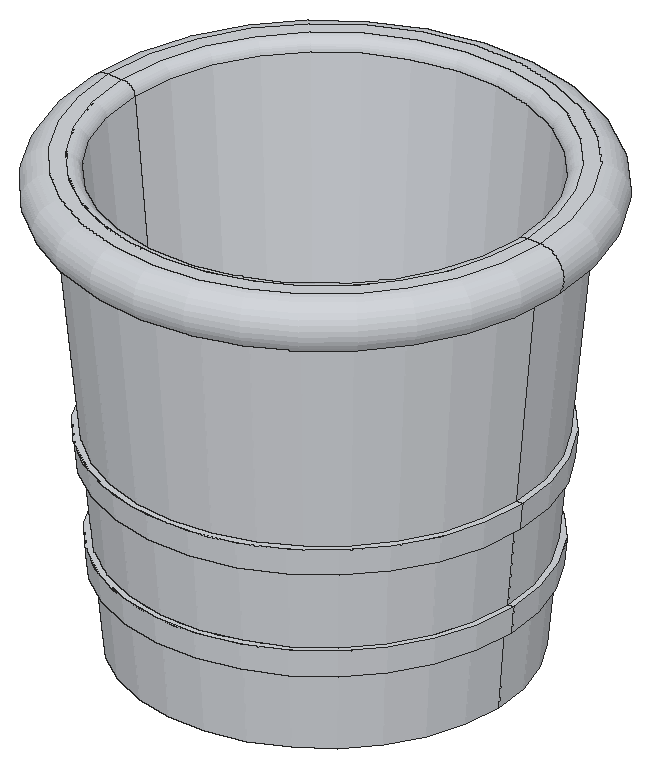
Revit family
Parameters (values of type "SBSP-101.1")
  Width = 2' - 3"
  URL = "www.strombergarchitectural.com"
  Top Material = GFRC
  Submittal Sheet = "www.strombergarchitectural.com/images/materials/gfrc/submittal/gfrc-submittal-sheet.pdf"
  Specifications = "www.strombergarchitectural.com/gfrcspecifications"
  Model Cut-sheet = "www.strombergarchitectural.com/products/bollards/design/SBSP-101"
  Model = "SBSP-101"
  Manufacturer = "Stromberg Architectural Products"
  Guidebook = "www.strombergarchitectural.com/images/materials/gfrc/handbooks/gfrc_guidebook.pdf   \r\n(http://www.strombergarchitectural.com/images/materials/gfrc/handbooks/gfrc_guidebook.pdf"
  Frame Material = none
  Description = "GFRC Bollard"
  Assembly Code = ""
  Height = 2' - 0"
  XXX.5 = no
  XXX.4 = no
  XXX.3 = no
  XXX.2 = no
  XXX.1 = yes
Types (6): name | Width | Guidebook | Height | XXX.5 | XXX.4 | XXX.3 | XXX.2 | XXX.1
  (no name) | 2' - 3" | "www.strombergarchitectural.com/images/materials/gfrc/handbooks/gfrc_guidebook.pdf   \r\n(http://www.strombergarchitectural.com/images/materials/gfrc/handbooks/gfrc_guidebook.pdf" | 2' - 0" | no | no | no | no | yes
  SBSP-101.3 | 3' - 4" | "www.strombergarchitectural.com/images/materials/gfrc/handbooks/gfrc_guidebook.pdf" | 3' - 0" | no | no | yes | no | no
  SBSP-101.1 | 2' - 3" | "www.strombergarchitectural.com/images/materials/gfrc/handbooks/gfrc_guidebook.pdf   \r\n(http://www.strombergarchitectural.com/images/materials/gfrc/handbooks/gfrc_guidebook.pdf" | 2' - 0" | no | no | no | no | yes
  SBSP-101.2 | 2' - 10" | "www.strombergarchitectural.com/images/materials/gfrc/handbooks/gfrc_guidebook.pdf" | 2' - 6" | no | no | no | yes | no
  SBSP-101.4 | 3' - 11" | "www.strombergarchitectural.com/images/materials/gfrc/handbooks/gfrc_guidebook.pdf" | 3' - 6" | no | yes | no | no | no
  SBSP-101.5 | 4' - 5" | "www.strombergarchitectural.com/images/materials/gfrc/handbooks/gfrc_guidebook.pdf" | 4' - 0" | yes | no | no | no | no
Reference planes (in)
  plane 1 "Center (Front/Back)": y = 3.74847
  plane 2: z = 0
  plane 3 "Center (Left/Right)": x = 0.7278
Forms (in)
  Revolve 1, solid, visible <- "XXX.1"
    sketch origin (-0.75, 3.74847, 0) x (1, 0, 0) y (0, 0, 1)
      loop
        arc (-9.12396, 23.39758) -> (-9.35035, 23.83672) -> (-9.81665, 24) r 0.66766
        arc (-9.81665, 24) -> (-10.19165, 23.99209) -> (-10.56665, 24) r 8.89183
        arc (-10.56665, 24) -> (-11.84201, 22.52001) -> (-10.28681, 21.33752) r 1.34108
        line (-10.28681, 21.33752) -> (-9.22505, 10.66667) -> (-9.55995, 10.66667) -> (-9.42796, 9.34013) -> (-9.09305, 9.34013) -> (-8.70254, 5.32605) -> (-9.04038, 5.32605) -> (-8.92432, 3.99943) -> (-8.57642, 3.99943) -> (-8.18732, 0) -> (1.4778, 0) -> (1.4778, 1.33333) -> (-6.97741, 1.33333) -> (-9.12396, 23.39758)
      axis (1.4778, 0) -> (1.4778, 24)
    angle from 0 to 360
  Revolve 2, solid, visible <- "XXX.2"
    sketch origin (0, 3.74847, 0) x (1, 0, 0) y (0, 0, 1)
      loop
        arc (-12.52509, 29.31378) -> (-12.76834, 29.79823) -> (-13.27405, 29.99349) r 0.75248
        line (-13.27405, 29.99349) -> (-14.29368, 29.99349)
        arc (-14.29368, 29.99349) -> (-15.89295, 28.13394) -> (-13.94201, 26.64754) r 1.68515
        line (-13.94201, 26.64754) -> (-12.64786, 13.33044) -> (-13.05433, 13.33044) -> (-12.90858, 11.66444) -> (-12.48793, 11.66444) -> (-11.99942, 6.66522) -> (-12.41796, 6.66522) -> (-12.24199, 4.99099) -> (-11.83352, 4.99099) -> (-11.35098, 0) -> (0.7278, 0) -> (0.7278, 1.66631) -> (-9.83892, 1.66631) -> (-12.52509, 29.31378)
      axis (0.7278, 29.99349) -> (0.7278, 0)
    angle from 0 to 360
  Revolve 3, solid, visible <- "XXX.3"
    sketch origin (0, 3.74847, 0) x (1, 0, 0) y (0, 0, 1)
      loop
        arc (-15.17392, 35.08735) -> (-15.52562, 35.75886) -> (-16.2458, 35.99543) r 1.00802
        line (-16.2458, 35.99543) -> (-17.2458, 35.99543)
        arc (-17.2458, 35.99543) -> (-19.2458, 33.81281) -> (-16.89718, 32.01065) r 2.00764
        line (-16.89718, 32.01065) -> (-15.32647, 16) -> (-15.82647, 16) -> (-15.61509, 13.98883) -> (-15.11509, 13.98883) -> (-14.54818, 8) -> (-15.05054, 8) -> (-14.85597, 6) -> (-14.35361, 6) -> (-13.76989, 0) -> (0.7278, 0) -> (0.7278, 2) -> (-11.95502, 2) -> (-15.17392, 35.08735)
      axis (0.7278, 35.99543) -> (0.7278, 0)
    angle from 0 to 360
  Revolve 4, solid, visible <- "XXX.4"
    sketch origin (0, 3.74847, 0) x (1, 0, 0) y (0, 0, 1)
      loop
        arc (-17.82483, 40.94121) -> (-18.25468, 41.74232) -> (-19.12655, 42) r 1.17993
        line (-19.12655, 42) -> (-20.2722, 42)
        arc (-20.2722, 42) -> (-22.61655, 39.41651) -> (-19.8182, 37.33333) r 2.35542
        line (-19.8182, 37.33333) -> (-18.00218, 18.66667) -> (-18.58827, 18.66667) -> (-18.36127, 16.33333) -> (-17.78874, 16.33333) -> (-17.09418, 9.33333) -> (-17.68026, 9.33333) -> (-17.45326, 7) -> (-16.86717, 7) -> (-16.18617, 0) -> (0.7278, 0) -> (0.7278, 2.33333) -> (-14.06882, 2.33333) -> (-17.82483, 40.94121)
      axis (0.7278, 42) -> (0.7278, 0)
    angle from 0 to 360
  Revolve 5, solid, visible <- "XXX.5"
    sketch origin (0, 3.74847, 0) x (1, 0, 0) y (0, 0, 1)
      loop
        arc (-20.47063, 46.80682) -> (-20.89762, 47.65723) -> (-21.78533, 48) r 1.32089
        line (-21.78533, 48) -> (-23.2722, 48)
        arc (-23.2722, 48) -> (-25.95146, 45.04744) -> (-22.75334, 42.66667) r 2.69191
        line (-22.75334, 42.66667) -> (-20.67789, 21.33333) -> (-21.34771, 21.33333) -> (-21.08828, 18.66667) -> (-20.41846, 18.66667) -> (-19.64017, 10.66667) -> (-20.30999, 10.66667) -> (-20.02971, 8) -> (-19.38074, 8) -> (-18.60245, 0) -> (0.7278, 0) -> (0.7278, 2.66667) -> (-16.18262, 2.66667) -> (-20.47063, 46.80682)
      axis (0.7278, 48) -> (0.7278, 0)
    angle from 0 to 360
